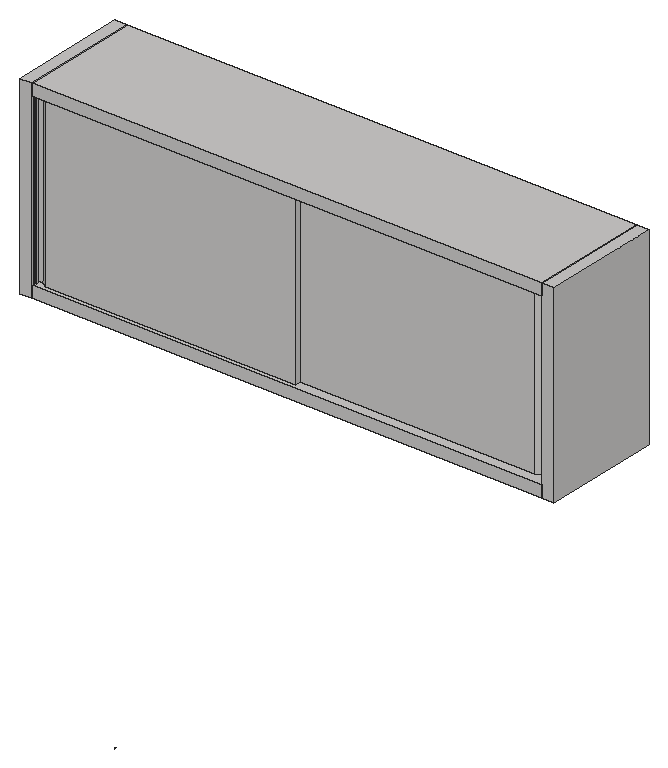
Revit family "QF_ELECTROLUXPROFESSIONAL_133213_PSS1800LCN", category Attrezzature speciali, Revit 2020
Family settings
  Quota connettore circolare = Usa diametro
  Tipo di parte = Normale
  Basato su piano di lavoro = No
  Sempre verticale = Sì
  Taglio con vuoti quando caricato = No
  Condiviso = No
  Punto di calcolo locali = No
Parameters (values of type "Standard")
  Weight = 35.00 kg
  Watts = 0 W
  Volts = 0 V
  URL Manufacturer = "https://www.electroluxprofessional.com/"
  URL = "https://www.electroluxprofessional.com/"
  Steam Supply Size = 0 mm
  Steam Supply Minimum Pressure = 0.0 Pa
  Steam Supply Maximum Pressure = 0.0 Pa
  Steam Consumption per Hour = 0
  Refrigeration Suction Line Size = 0.0 mm
  Refrigeration Liquid Line Size = 0.0 mm
  Refrigerant Compressor Remote = yes
  Prospetto di default = 0.0 mm
  Phase = 0
  Modello = "PSS1800LCN"
  Produttore = "Electrolux Professional"
  Length Actual = 1800.0 mm  # constant formula
  Item Number = "133213"
  Hot Water Size = 0 mm
  Height Actual = 650.0 mm  # constant formula
  HP = "0 HP"
  Gas Size = 0 mm
  Gas KW = 0
  Gas Input Pressure = 0 W
  Direct Waste Size = 0 mm
  Descrizione = "WALL CUPBOARD+ PLATE RACK 2 DOORS 1800MM"
  Depth Actual = 400.0 mm  # constant formula
  Cycle = 0 Hz
  Condensate Return Size = 0 mm
  Compressed Air Volume = 0.0 L/s
  Compressed Air Size = 0 mm
  Compressed Air Pressure = 0.0 Pa
  Cold Water Size = 0 mm
  Accessory = yes
Reference planes
  plane 1 "Center (Front/Back)": y = 0
  plane 2: z = 0
  plane 3 "Center (Left/Right)": x = -300
  plane 4 "LEFT": x = -1200
  plane 5 "RIGHT": x = 600
  plane 6 "BACK": y = 200
  plane 7 "FRONT": y = -200
  plane 8 "Base": z = 2200
  plane 9 "BASE": z = 1550
  plane 10: x = -1160
  plane 11: x = 560
  plane 12: y = -197
  plane 13: y = 150
  plane 14: y = 197
Forms (mm)
  Extrusion 1, solid, material "QF_Finishes_Stainless Steel"
    sketch origin (0, 0, 1550) x (-1, 0, 0) y (0, -1, 0)
      loop
        line (1200, -200) -> (1200, 200) -> (1160, 200) -> (1160, -200) -> (1200, -200)
      loop
        line (-560, -200) -> (-560, 200) -> (-600, 200) -> (-600, -200) -> (-560, -200)
    from 0 to 650
  Extrusion 2, solid, material "QF_Finishes_Stainless Steel"
    sketch origin (0, 0, 1550) x (-1, 0, 0) y (0, -1, 0)
      loop
        line (1160, -150) -> (1160, 200) -> (-560, 200) -> (-560, -150) -> (1160, -150)
    from 0 to 40
  Extrusion 3, solid, material "QF_Finishes_Stainless Steel"
    sketch origin (0, 0, 0) x (1, 0, 0) y (0, 1, 0)
      loop
        line (-1160, -200) -> (560, -200) -> (560, 200) -> (-1160, 200) -> (-1160, -200)
    from 2160 to 2200
  Extrusion 4, solid, material "QF_Finishes_Stainless Steel"
    sketch origin (0, 0, 0) x (1, 0, 0) y (0, 1, 0)
      loop
        line (-273.481, -197) -> (-273.481, -177) -> (-1157, -177) -> (-1157, -197) -> (-1147, -197) -> (-1147, -194) -> (-1154, -194) -> (-1154, -182) -> (-1137, -182) -> (-1117, -197) -> (-273.481, -197)
    from 1597 to 2160
  Extrusion 5, solid, material "QF_Finishes_Stainless Steel"
    sketch origin (0, 0, 0) x (1, 0, 0) y (0, 1, 0)
      loop
        line (-326.5, -177) -> (517, -177) -> (537, -162) -> (554, -162) -> (554, -174) -> (547, -174) -> (547, -177) -> (557, -177) -> (557, -157) -> (-326.5, -157) -> (-326.5, -177)
    from 2160 to 1597
  Extrusion 6, solid, material "QF_Finishes_Stainless Steel"
    sketch origin (0, 0, 0) x (1, 0, 0) y (0, 1, 0)
      loop
        line (-273.481, 197) -> (-1117, 197) -> (-1137, 182) -> (-1154, 182) -> (-1154, 194) -> (-1147, 194) -> (-1147, 197) -> (-1157, 197) -> (-1157, 177) -> (-273.481, 177) -> (-273.481, 197)
    from 1597 to 2160
  Extrusion 7, solid, material "QF_Finishes_Stainless Steel"
    sketch origin (0, 0, 0) x (1, 0, 0) y (0, 1, 0)
      loop
        line (-326.5, 177) -> (-326.5, 157) -> (557, 157) -> (557, 177) -> (547, 177) -> (547, 174) -> (554, 174) -> (554, 162) -> (537, 162) -> (517, 177) -> (-326.5, 177)
    from 2160 to 1597
  Extrusion 8, solid, material "QF_Finishes_Stainless Steel"
    sketch origin (0, 0, 0) x (1, 0, 0) y (0, 1, 0)
      loop
        line (-1200, 200) -> (-1200, 199) -> (-1199, 199) -> (-1199, 200) -> (-1200, 200)
    from 0 to 1
Lines and regions (mm)
  symbolic lines, style "SpecialityEquipmentHiddenLines"
    curve 1: line (557, -157, 0) -> (-326.5, -157, 0)
    curve 2: line (-326.5, -157, 0) -> (-326.5, -177, 0)
    curve 3: line (517, -177, 0) -> (-1157, -177, 0)
    curve 4: line (-273.5, -177, 0) -> (-273.5, -197, 0)
    curve 5: line (-1157, -177, 0) -> (-1157, -197, 0)
    curve 6: line (-1119, -182, 0) -> (-1154, -182, 0)
    curve 20: line (557, 157, 0) -> (-326.5, 157, 0)
    curve 21: line (-326.5, 157, 0) -> (-326.5, 177, 0)
    curve 22: line (517, 177, 0) -> (-1157, 177, 0)
    curve 23: line (-273.5, 177, 0) -> (-273.5, 197, 0)
    curve 24: line (-1157, 177, 0) -> (-1157, 197, 0)
    curve 25: line (-1119, 182, 0) -> (-1154, 182, 0)
    curve 41: line (-1117, -197, 0) -> (-273.5, -197, 0)
    curve 42: line (-1157, -197, 0) -> (-1147, -197, 0)
    curve 43: line (-1147, 197, 0) -> (-1157, 197, 0)
    curve 44: line (-1117, 197, 0) -> (-273.5, 197, 0)
  symbolic lines
    curve 7: line (-1200, 200, 0) -> (600, -200, 0)
    curve 8: line (600, 200, 0) -> (-1200, -200, 0)
    curve 9: line (-1119, -182, 0) -> (-1117, -197, 0)
    curve 10: line (-1154, -182, 0) -> (-1154, -194, 0)
    curve 11: line (-1154, -194, 0) -> (-1147, -194, 0)
    curve 12: line (-1147, -194, 0) -> (-1147, -197, 0)
    curve 13: line (557, -157, 0) -> (557, -177, 0)
    curve 14: line (557, -177, 0) -> (547, -177, 0)
    curve 15: line (547, -177, 0) -> (547, -174, 0)
    curve 16: line (547, -174, 0) -> (554, -174, 0)
    curve 17: line (554, -174, 0) -> (554, -162, 0)
    curve 18: line (554, -162, 0) -> (537, -162, 0)
    curve 19: line (517, -177, 0) -> (537, -162, 0)
    curve 26: line (-1119, 182, 0) -> (-1117, 197, 0)
    curve 27: line (-1154, 182, 0) -> (-1154, 194, 0)
    curve 28: line (-1154, 194, 0) -> (-1147, 194, 0)
    curve 29: line (-1147, 194, 0) -> (-1147, 197, 0)
    curve 30: line (557, 157, 0) -> (557, 177, 0)
    curve 31: line (557, 177, 0) -> (547, 177, 0)
    curve 32: line (547, 177, 0) -> (547, 174, 0)
    curve 33: line (547, 174, 0) -> (554, 174, 0)
    curve 34: line (554, 174, 0) -> (554, 162, 0)
    curve 35: line (554, 162, 0) -> (537, 162, 0)
    curve 36: line (517, 177, 0) -> (537, 162, 0)
    curve 37: line (-1200, 200, 0) -> (600, 200, 0)
    curve 38: line (-1200, -200, 0) -> (-1200, 200, 0)
    curve 39: line (600, -200, 0) -> (-1200, -200, 0)
    curve 40: line (600, 200, 0) -> (600, -200, 0)
Dimensions and locks
  plane 4 "LEFT" to plane 5 "RIGHT" = 1800.0 mm
  equal spacing: plane 4 "LEFT", plane 3 "Center (Left/Right)", plane 5 "RIGHT"
  plane 6 "BACK" to plane 7 "FRONT" = 400.0 mm
  equal spacing: plane 6 "BACK", plane 1 "Center (Front/Back)", plane 7 "FRONT"
  plane 9 "BASE" to level = 1550.0 mm
  locked: plane 4 "LEFT" to plane 10 at 40
  locked: plane 11 to plane 5 "RIGHT" at 40
  plane 12 to plane 7 "FRONT" = 3.0 mm
  plane 6 "BACK" to plane 13 = 50.0 mm
  locked: plane 8 "Base" to plane 9 "BASE" at 650
  aligned and locked: level to plane 2
  aligned and locked: plane 8 "Base" to Extrusion 1
  aligned and locked: plane 6 "BACK" to Extrusion 1 sketch curve
  aligned and locked: Extrusion 1 sketch curve to plane 6 "BACK"
  aligned and locked: plane 7 "FRONT" to Extrusion 1 sketch curve
  aligned and locked: Extrusion 1 sketch curve to plane 7 "FRONT"
  aligned and locked: plane 10 to Extrusion 1
  aligned and locked: Extrusion 1 to plane 11
  aligned and locked: Extrusion 2 to plane 10
  aligned and locked: plane 11 to Extrusion 2
  aligned and locked: plane 8 "Base" to Extrusion 3
  aligned and locked: Extrusion 2 to plane 13
  aligned and locked: Extrusion 3 to plane 7 "FRONT"
  aligned and locked: Extrusion 2 to plane 7 "FRONT"
Automatic sketch dimensions
  Extrusion 1 sketch curve to plane 5 "RIGHT" = 0.0 mm
  Extrusion 1 sketch curve to plane 11 = 0.0 mm
  Extrusion 1 sketch curve to plane 10 = 0.0 mm
  Extrusion 1 sketch curve to plane 4 "LEFT" = 0.0 mm
  Extrusion 2 sketch curve to plane 11 = 0.0 mm
  Extrusion 2 sketch curve to plane 10 = 0.0 mm
  plane 13 to Extrusion 2 sketch curve = 0.0 mm
  Extrusion 2 sketch curve to plane 12 = 3.0 mm
  Extrusion 3 sketch curve to plane 10 = 0.0 mm
  Extrusion 3 sketch curve to plane 11 = 0.0 mm
  Extrusion 3 sketch curve to plane 12 = 3.0 mm
  Extrusion 3 sketch curve to plane 14 = 3.0 mm
  Extrusion 4 sketch curve to plane 12 = 0.0 mm  (x2)
  plane 10 to Extrusion 4 sketch curve = 3.0 mm
  Extrusion 4 sketch curve to Extrusion 4 sketch curve = 3.0 mm
  Extrusion 4 sketch curve to Extrusion 4 sketch curve = 7.0 mm
  Extrusion 4 sketch curve to Extrusion 4 sketch curve = 10.0 mm
  plane 3 "Center (Left/Right)" to Extrusion 4 sketch curve = 26.519 mm
  plane 12 to Extrusion 4 sketch curve = 3.0 mm
  Extrusion 4 sketch curve to Extrusion 4 sketch curve = 12.0 mm
  Extrusion 4 sketch curve to Extrusion 4 sketch curve = 20.0 mm  (x2)
  Extrusion 4 sketch curve to Extrusion 4 sketch curve = 0.0 mm
  Extrusion 5 sketch curve to plane 3 "Center (Left/Right)" = 26.5 mm
  plane 12 to Extrusion 5 sketch curve = 20.0 mm  (x2)
  Extrusion 5 sketch curve to plane 11 = 43.0 mm
  Extrusion 5 sketch curve to plane 11 = 23.0 mm
  Extrusion 5 sketch curve to plane 11 = 13.0 mm
  Extrusion 5 sketch curve to plane 11 = 6.0 mm
  Extrusion 5 sketch curve to plane 11 = 3.0 mm
  Extrusion 5 sketch curve to Extrusion 5 sketch curve = 3.0 mm
  Extrusion 5 sketch curve to Extrusion 5 sketch curve = 12.0 mm
  Extrusion 5 sketch curve to Extrusion 5 sketch curve = 20.0 mm
  plane 14 to Extrusion 6 sketch curve = 0.0 mm  (x2)
  Extrusion 6 sketch curve to plane 10 = 3.0 mm
  Extrusion 6 sketch curve to Extrusion 6 sketch curve = 3.0 mm
  Extrusion 6 sketch curve to Extrusion 6 sketch curve = 7.0 mm
  Extrusion 6 sketch curve to Extrusion 6 sketch curve = 10.0 mm
  Extrusion 6 sketch curve to plane 3 "Center (Left/Right)" = 26.519 mm
  Extrusion 6 sketch curve to plane 14 = 3.0 mm
  Extrusion 6 sketch curve to Extrusion 6 sketch curve = 12.0 mm
  Extrusion 6 sketch curve to Extrusion 6 sketch curve = 20.0 mm  (x2)
  Extrusion 6 sketch curve to Extrusion 6 sketch curve = 0.0 mm
  plane 3 "Center (Left/Right)" to Extrusion 7 sketch curve = 26.5 mm
  Extrusion 7 sketch curve to plane 14 = 20.0 mm  (x2)
  plane 11 to Extrusion 7 sketch curve = 43.0 mm
  plane 11 to Extrusion 7 sketch curve = 23.0 mm
  plane 11 to Extrusion 7 sketch curve = 13.0 mm
  plane 11 to Extrusion 7 sketch curve = 6.0 mm
  plane 11 to Extrusion 7 sketch curve = 3.0 mm
  Extrusion 7 sketch curve to Extrusion 7 sketch curve = 3.0 mm
  Extrusion 7 sketch curve to Extrusion 7 sketch curve = 12.0 mm
  plane 13 to Extrusion 7 sketch curve = 7.0 mm
  Extrusion 8 sketch curve to plane 6 "BACK" = 0.0 mm
  Extrusion 8 sketch curve to plane 4 "LEFT" = 0.0 mm
  plane 4 "LEFT" to Extrusion 8 sketch curve = 1.0 mm
  Extrusion 8 sketch curve to plane 6 "BACK" = 1.0 mm
  curve 39 to plane 4 "LEFT" = 0.0 mm
  curve 5 to plane 12 = 0.0 mm
  plane 14 to curve 24 = 0.0 mm
  curve 41 to plane 12 = 0.0 mm
  plane 14 to curve 26 = 0.0 mm
  curve 40 to plane 5 "RIGHT" = 0.0 mm
  curve 7 to plane 7 "FRONT" = 0.0 mm
  curve 7 to plane 6 "BACK" = 0.0 mm
  plane 10 to curve 24 = 3.0 mm
  plane 10 to curve 5 = 3.0 mm
  curve 24 to curve 27 = 3.0 mm
  curve 3 to curve 6 = 3.0 mm
  plane 12 to curve 12 = 3.0 mm
  curve 10 to curve 12 = 7.0 mm
  curve 27 to curve 29 = 7.0 mm
  curve 12 to curve 41 = 30.0 mm
  curve 29 to curve 26 = 30.0 mm
  curve 1 to plane 3 "Center (Left/Right)" = 26.5 mm
  curve 20 to plane 13 = 7.0 mm
  curve 20 to plane 3 "Center (Left/Right)" = 26.5 mm
  plane 3 "Center (Left/Right)" to curve 23 = 26.5 mm
  plane 3 "Center (Left/Right)" to curve 41 = 26.5 mm
  plane 12 to curve 3 = 20.0 mm
  curve 3 to plane 11 = 43.0 mm
  plane 14 to curve 36 = 20.0 mm
  curve 36 to plane 11 = 43.0 mm
  curve 36 to plane 11 = 23.0 mm
  curve 18 to plane 11 = 23.0 mm
  curve 14 to plane 11 = 13.0 mm
  curve 31 to plane 11 = 13.0 mm
  curve 34 to plane 11 = 6.0 mm
  curve 17 to plane 11 = 6.0 mm
  curve 31 to plane 11 = 3.0 mm
  curve 13 to plane 11 = 3.0 mm
  curve 6 to curve 3 = 5.0 mm
  plane 12 to curve 13 = 20.0 mm
  curve 14 to curve 16 = 3.0 mm
  curve 15 to curve 19 = 12.0 mm
  curve 2 to curve 2 = 20.0 mm
  curve 20 to curve 35 = 5.0 mm
  curve 34 to curve 33 = 12.0 mm
  curve 33 to curve 30 = 3.0 mm
  curve 22 to curve 25 = 5.0 mm
  plane 14 to curve 28 = 3.0 mm
  plane 14 to curve 26 = 15.0 mm
  plane 12 to curve 9 = 15.0 mm
